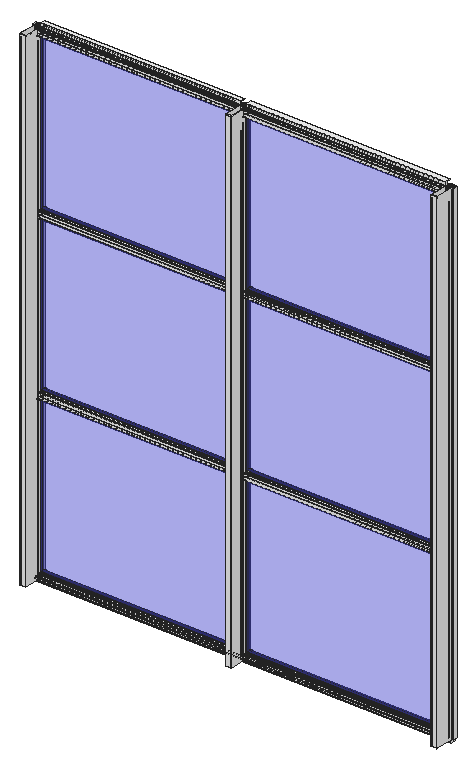
Revit family "Facade_60_Curtain_Wall_S23_Standard", category Windows, host Wall, Revit 2014 (continued)
Definition of nested family "F60 Horizontal Profile Middle_S23_Std"
  Forms (mm)
    Extrusion 5, solid, material <- "Thermal Break Material", visible <- "Single Glazing"
      sketch origin (0, 0, 0) x (0, 1, 0) y (0, 0, 1)
        loop
          arc (-63.8, 25.751) -> (-63.654, 25.397) -> (-63.3, 25.251) r 0.5
          line (-63.3, 25.251) -> (-59.8, 25.251)
          arc (-59.8, 25.251) -> (-59.446, 25.397) -> (-59.3, 25.751) r 0.5
          line (-59.3, 25.751) -> (-59.3, 27.648) -> (-49.599, 27.648) -> (-47.528, 28.651)
          arc (-47.528, 28.651) -> (-46.803, 30.001) -> (-47.528, 31.351) r 1.62
          line (-47.528, 31.351) -> (-49.599, 32.353) -> (-59.3, 32.353) -> (-59.3, 34.251)
          arc (-59.3, 34.251) -> (-59.446, 34.604) -> (-59.8, 34.751) r 0.5
          line (-59.8, 34.751) -> (-63.3, 34.751)
          arc (-63.3, 34.751) -> (-63.654, 34.604) -> (-63.8, 34.251) r 0.5
          line (-63.8, 34.251) -> (-63.8, 32.328) -> (-62.4, 31.52) -> (-62.4, 28.483) -> (-63.8, 27.673) -> (-63.8, 25.751)
        loop
          line (-59.794, 28.506) -> (-59.006, 29.294)
          arc (-59.006, 29.294) -> (-58.788, 29.618) -> (-58.713, 30.001) r 0.986
          arc (-58.713, 30.001) -> (-58.79, 30.384) -> (-59.008, 30.71) r 1.007
          line (-59.008, 30.71) -> (-59.794, 31.496) -> (-60.65, 31.496)
          arc (-60.65, 31.496) -> (-61.004, 31.349) -> (-61.15, 30.996) r 0.5
          line (-61.15, 30.996) -> (-61.15, 29.006)
          arc (-61.15, 29.006) -> (-61.004, 28.652) -> (-60.65, 28.506) r 0.5
          line (-60.65, 28.506) -> (-59.794, 28.506)
        loop
          line (-47.854, 30.898) -> (-49.415, 31.653) -> (-56.782, 31.653)
          arc (-56.782, 31.653) -> (-57.207, 31.417) -> (-57.23, 30.932) r 0.5
          arc (-57.23, 30.932) -> (-57.013, 30.001) -> (-57.23, 29.07) r 2.099
          arc (-57.23, 29.07) -> (-57.207, 28.584) -> (-56.782, 28.348) r 0.5
          line (-56.782, 28.348) -> (-49.415, 28.348) -> (-48.055, 29.007)
          arc (-48.055, 29.007) -> (-47.35, 29.888) -> (-47.854, 30.898) r 1.047
      from 0 to 250 <- "Length"
    Extrusion 6, solid, material <- "Profile Material", visible <- "Single Glazing"
      sketch origin (0, 0, 0) x (0, 1, 0) y (0, 0, 1)
        loop
          line (-63.8, 52.694) -> (-64.8, 52.694) -> (-64.8, 51.544) -> (-66.05, 51.544) -> (-66.05, 57.044) -> (-64.8, 57.044) -> (-64.8, 55.894) -> (-63.8, 55.894) -> (-63.8, 58.294)
          arc (-63.8, 58.294) -> (-64.082, 58.803) -> (-64.664, 58.835) r 0.6
          line (-64.664, 58.835) -> (-66.562, 57.91) -> (-67.088, 58.988) -> (-68.05, 58.519) -> (-68.05, 48.513)
          arc (-68.05, 48.513) -> (-67.874, 48.089) -> (-67.45, 47.913) r 0.6
          line (-67.45, 47.913) -> (-66.6, 47.913) -> (-66.6, 12.09) -> (-67.45, 12.09)
          arc (-67.45, 12.09) -> (-67.874, 11.914) -> (-68.05, 11.49) r 0.6
          line (-68.05, 11.49) -> (-68.05, 1.485) -> (-67.088, 1.016) -> (-66.562, 2.095) -> (-64.663, 1.169)
          arc (-64.663, 1.169) -> (-64.082, 1.2) -> (-63.8, 1.709) r 0.6
          line (-63.8, 1.709) -> (-63.8, 4.109) -> (-64.8, 4.109) -> (-64.8, 2.959) -> (-66.05, 2.959) -> (-66.05, 8.459) -> (-64.8, 8.459) -> (-64.8, 7.309) -> (-63.8, 7.309) -> (-63.8, 27.674) -> (-62.4, 28.483) -> (-62.4, 31.521) -> (-63.8, 32.329) -> (-63.8, 52.694)
      from 0 to 250 <- "Length"
    Extrusion 7, solid, material <- "Profile Material", visible <- "Single Glazing"
      sketch origin (0, 0, 0) x (0, 1, 0) y (0, 0, 1)
        loop
          line (-68.551, 3.3) -> (-76.559, 3.3) -> (-76.559, 30) -> (-76.559, 56.15)
          arc (-76.559, 56.15) -> (-75.739, 58.13) -> (-73.759, 58.95) r 2.8
          line (-73.759, 58.95) -> (-69.151, 58.95) -> (-69.151, 57.2)
          arc (-69.151, 57.2) -> (-68.987, 56.829) -> (-68.601, 56.703) r 0.5
          arc (-68.601, 56.703) -> (-68.216, 56.829) -> (-68.051, 57.2) r 0.5
          line (-68.051, 57.2) -> (-68.051, 58.517) -> (-67.089, 58.986) -> (-66.563, 57.907) -> (-63.866, 59.222)
          arc (-63.866, 59.222) -> (-64.001, 59.762) -> (-64.504, 60) r 0.65
          line (-64.504, 60) -> (-73.859, 60)
          arc (-73.859, 60) -> (-76.687, 58.828) -> (-77.859, 56) r 4
          line (-77.859, 56) -> (-77.859, 30) -> (-77.859, 2.493)
          arc (-77.859, 2.493) -> (-77.197, 0.799) -> (-75.562, 0.002) r 2.5
          arc (-75.562, 0.002) -> (-75.182, 0.132) -> (-75.021, 0.5) r 0.5
          line (-75.021, 0.5) -> (-75.021, 2) -> (-69.151, 2) -> (-69.151, 0.5)
          arc (-69.151, 0.5) -> (-69.005, 0.146) -> (-68.651, 0) r 0.5
          line (-68.651, 0) -> (-64.504, 0)
          arc (-64.504, 0) -> (-64.001, 0.238) -> (-63.866, 0.778) r 0.65
          line (-63.866, 0.778) -> (-66.563, 2.093) -> (-67.089, 1.014) -> (-68.051, 1.483) -> (-68.051, 2.8)
          arc (-68.051, 2.8) -> (-68.198, 3.154) -> (-68.551, 3.3) r 0.5
      from 0 to 250 <- "Length"
    Extrusion 8, solid, material <- "Thermal Break Material", visible <- "Double Glazing"
      sketch origin (0, 0, 0) x (0, 1, 0) y (0, 0, 1)
        loop
          line (-77.8, 27.673) -> (-77.8, 25.751)
          arc (-77.8, 25.751) -> (-77.654, 25.397) -> (-77.3, 25.251) r 0.5
          line (-77.3, 25.251) -> (-59.8, 25.251)
          arc (-59.8, 25.251) -> (-59.446, 25.397) -> (-59.3, 25.751) r 0.5
          line (-59.3, 25.751) -> (-59.3, 27.647) -> (-49.599, 27.647) -> (-47.528, 28.649)
          arc (-47.528, 28.649) -> (-46.803, 29.999) -> (-47.528, 31.349) r 1.62
          line (-47.528, 31.349) -> (-49.602, 32.353) -> (-59.3, 32.353) -> (-59.3, 34.251)
          arc (-59.3, 34.251) -> (-59.446, 34.604) -> (-59.8, 34.751) r 0.5
          line (-59.8, 34.751) -> (-77.3, 34.751)
          arc (-77.3, 34.751) -> (-77.654, 34.604) -> (-77.8, 34.251) r 0.5
          line (-77.8, 34.251) -> (-77.8, 32.327) -> (-76.4, 31.52) -> (-76.4, 28.482) -> (-77.8, 27.673)
        loop
          line (-59.006, 30.708) -> (-61.156, 32.858)
          arc (-61.156, 32.858) -> (-61.48, 33.074) -> (-61.863, 33.151) r 1
          line (-61.863, 33.151) -> (-73.8, 33.151)
          arc (-73.8, 33.151) -> (-74.507, 32.858) -> (-74.8, 32.151) r 1
          line (-74.8, 32.151) -> (-74.8, 27.851)
          arc (-74.8, 27.851) -> (-74.507, 27.144) -> (-73.8, 26.851) r 1
          line (-73.8, 26.851) -> (-61.863, 26.851)
          arc (-61.863, 26.851) -> (-61.48, 26.927) -> (-61.156, 27.144) r 1
          line (-61.156, 27.144) -> (-59.006, 29.294)
          arc (-59.006, 29.294) -> (-58.788, 29.618) -> (-58.713, 30.001) r 0.986
          arc (-58.713, 30.001) -> (-58.79, 30.383) -> (-59.006, 30.708) r 1.007
        loop
          line (-56.782, 28.347) -> (-49.415, 28.347) -> (-48.055, 29.005)
          arc (-48.055, 29.005) -> (-47.35, 29.887) -> (-47.854, 30.896) r 1.047
          line (-47.854, 30.896) -> (-49.415, 31.652) -> (-56.782, 31.652)
          arc (-56.782, 31.652) -> (-57.207, 31.416) -> (-57.23, 30.93) r 0.5
          arc (-57.23, 30.93) -> (-57.013, 29.999) -> (-57.23, 29.068) r 2.099
          arc (-57.23, 29.068) -> (-57.207, 28.583) -> (-56.782, 28.347) r 0.5
      from 0 to 250 <- "Length"
    Extrusion 9, solid, material <- "Profile Material", visible <- "Double Glazing"
      sketch origin (0, 0, 0) x (0, 1, 0) y (0, 0, 1)
        loop
          line (-77.8, 52.694) -> (-78.8, 52.694) -> (-78.8, 51.544) -> (-80.05, 51.544) -> (-80.05, 57.044) -> (-78.8, 57.044) -> (-78.8, 55.894) -> (-77.8, 55.894) -> (-77.8, 58.294)
          arc (-77.8, 58.294) -> (-78.082, 58.802) -> (-78.664, 58.834) r 0.6
          line (-78.664, 58.834) -> (-80.562, 57.909) -> (-81.088, 58.988) -> (-82.05, 58.518) -> (-82.05, 48.512)
          arc (-82.05, 48.512) -> (-81.874, 48.088) -> (-81.45, 47.912) r 0.6
          line (-81.45, 47.912) -> (-80.6, 47.912) -> (-80.6, 12.089) -> (-81.45, 12.089)
          arc (-81.45, 12.089) -> (-81.874, 11.913) -> (-82.05, 11.489) r 0.6
          line (-82.05, 11.489) -> (-82.05, 1.484) -> (-81.088, 1.015) -> (-80.562, 2.094) -> (-78.663, 1.169)
          arc (-78.663, 1.169) -> (-78.082, 1.199) -> (-77.8, 1.708) r 0.6
          line (-77.8, 1.708) -> (-77.8, 4.108) -> (-78.8, 4.108) -> (-78.8, 2.958) -> (-80.05, 2.958) -> (-80.05, 8.458) -> (-78.8, 8.458) -> (-78.8, 7.308) -> (-77.8, 7.308) -> (-77.8, 27.673) -> (-76.4, 28.482) -> (-76.4, 31.52) -> (-77.8, 32.328) -> (-77.8, 52.694)
      from 0 to 250 <- "Length"
    Extrusion 10, solid, material <- "Profile Material", visible <- "Double Glazing"
      sketch origin (0, 0, 0) x (0, 1, 0) y (0, 0, 1)
        loop
          line (-82.551, 3.3) -> (-90.558, 3.3) -> (-90.558, 30) -> (-90.558, 56.15)
          arc (-90.558, 56.15) -> (-89.738, 58.13) -> (-87.758, 58.95) r 2.8
          line (-87.758, 58.95) -> (-83.151, 58.95) -> (-83.151, 57.2)
          arc (-83.151, 57.2) -> (-82.986, 56.829) -> (-82.601, 56.703) r 0.5
          arc (-82.601, 56.703) -> (-82.215, 56.829) -> (-82.051, 57.2) r 0.5
          line (-82.051, 57.2) -> (-82.051, 58.517) -> (-81.088, 58.986) -> (-80.563, 57.907) -> (-77.866, 59.222)
          arc (-77.866, 59.222) -> (-78, 59.762) -> (-78.503, 60) r 0.65
          line (-78.503, 60) -> (-87.858, 60)
          arc (-87.858, 60) -> (-90.687, 58.828) -> (-91.858, 56) r 4
          line (-91.858, 56) -> (-91.858, 30) -> (-91.858, 2.493)
          arc (-91.858, 2.493) -> (-91.196, 0.799) -> (-89.561, 0.002) r 2.5
          arc (-89.561, 0.002) -> (-89.182, 0.132) -> (-89.021, 0.5) r 0.5
          line (-89.021, 0.5) -> (-89.021, 2) -> (-83.151, 2) -> (-83.151, 0.5)
          arc (-83.151, 0.5) -> (-83.004, 0.146) -> (-82.651, 0) r 0.5
          line (-82.651, 0) -> (-78.503, 0)
          arc (-78.503, 0) -> (-78, 0.238) -> (-77.866, 0.778) r 0.65
          line (-77.866, 0.778) -> (-80.563, 2.093) -> (-81.088, 1.014) -> (-82.051, 1.483) -> (-82.051, 2.8)
          arc (-82.051, 2.8) -> (-82.197, 3.154) -> (-82.551, 3.3) r 0.5
      from 0 to 250 <- "Length"
  Dimensions and locks
    aligned and locked: level to plane 2
Types (33, lengths in mm): name | Windload Design | Width | Vertical Profile Length | Transom Vertical Spacing | Top Transom Top Gap | Overall Width | Overall Height | Mullion Side Gap | Mullion Configuration | Bottom Transom Bottom Gap | Mid Glazing Bottom Gap | Max Pane Area | Sill Length | Length Sill | Intruderprufe U Value | Intruderprufe SHGC Value | Intruderprufe LowE U Value | Intruderprufe LowE SHGC Value | Intruderprufe Insulated U Value | Intruderprufe Insulated SHGC Value | Intruderprufe Insulated LowE U Value | Intruderprufe Insulated LowE SHGC Value | Horizontal Profile Length | Glazing Width | Glazing Height | Glazing Gap SG | Glazing Gap DG | DG Thickness Calc | DG Thickness | Height | SG Thickness | Custom Curtain Wall Width | Custom Curtain Wall Height | Custom Windload | 190mm Mullion | 160mm Mullion | 100mm Mullion
  (no name) | 1000 | 4190 | 4960 | 1573.333 | 1633.333 | 4190 | 4990 | 2065 | 3 | 1663.333 | 1703.133 | 3.30073 m² | 4190 | 4190 | 5.71 | 0.716 | 4.17 | 0.627 | 3 | 0.616 | 2.34 | 0.555 | 2005 | 2045.4 | 1613.733 | 3 | 2 | 6 | 6 | 4990 | 8 | 4190 | 4990 | 1000 | yes | no | no
  F60-S23-1825-1000Pa | 1000 | 1790 | 2460 | 740 | 800 | 2000 | 3000 | 865 | 1 | 830 | 869.8 | 0.65975 m² | 1790 | 1790 | 5.66 | 0.663 | 4.43 | 0.581 | 3.18 | 0.572 | 2.59 | 0.515 | 805 | 845.4 | 780.4 | 5 | 4 | 4 | 4 | 2490 | 4 | 1790 | 2490 | 1000 | no | no | yes
  F60-S23-1825-1500Pa | 1500 | 1790 | 2460 | 740 | 800 | 2000 | 3000 | 865 | 1 | 830 | 869.8 | 0.65975 m² | 1790 | 1790 | 5.66 | 0.663 | 4.43 | 0.581 | 3.18 | 0.572 | 2.59 | 0.515 | 805 | 845.4 | 780.4 | 5 | 4 | 4 | 4 | 2490 | 4 | 1790 | 2490 | 1500 | no | no | yes
  F60-S23-1825-2000Pa | 2000 | 1790 | 2460 | 740 | 800 | 2000 | 3000 | 865 | 1 | 830 | 869.8 | 0.65975 m² | 1790 | 1790 | 5.66 | 0.663 | 4.43 | 0.581 | 3.18 | 0.572 | 2.59 | 0.515 | 805 | 845.4 | 780.4 | 5 | 4 | 4 | 4 | 2490 | 4 | 1790 | 2490 | 2000 | no | no | yes
  F60-S23-2425-1000Pa | 1000 | 2390 | 2460 | 740 | 800 | 2000 | 3000 | 1165 | 1 | 830 | 869.8 | 0.89387 m² | 2390 | 2390 | 5.98 | 0.67 | 4.4 | 0.5888 | 3.15 | 0.578 | 2.56 | 0.521 | 1105 | 1145.4 | 780.4 | 5 | 4 | 4 | 4 | 2490 | 4 | 2390 | 2490 | 1000 | no | no | yes
  F60-S23-2425-1500Pa | 1500 | 2390 | 2460 | 740 | 800 | 2000 | 3000 | 1165 | 1 | 830 | 869.8 | 0.89387 m² | 2390 | 2390 | 5.98 | 0.67 | 4.4 | 0.5888 | 3.15 | 0.578 | 2.56 | 0.521 | 1105 | 1145.4 | 780.4 | 5 | 4 | 4 | 4 | 2490 | 4 | 2390 | 2490 | 1500 | no | no | yes
  F60-S23-2425-2000Pa | 2000 | 2390 | 2460 | 740 | 800 | 2000 | 3000 | 1165 | 2 | 830 | 869.8 | 0.89387 m² | 2390 | 2390 | 5.98 | 0.67 | 4.4 | 0.5888 | 3.15 | 0.578 | 2.56 | 0.521 | 1105 | 1145.4 | 780.4 | 5 | 4 | 4 | 4 | 2490 | 4 | 2390 | 2490 | 2000 | no | yes | no
  F60-S23-3025-1000Pa | 1000 | 2990 | 2460 | 740 | 800 | 2000 | 3000 | 1465 | 1 | 830 | 869.8 | 1.12799 m² | 2990 | 2990 | 5.7 | 0.681 | 4.36 | 0.597 | 3.12 | 0.587 | 2.51 | 0.529 | 1405 | 1445.4 | 780.4 | 5 | 4 | 4 | 4 | 2490 | 4 | 2990 | 2490 | 1000 | no | no | yes
  F60-S23-3025-1500Pa | 1500 | 2990 | 2460 | 740 | 800 | 2000 | 3000 | 1465 | 1 | 830 | 869.8 | 1.12799 m² | 2990 | 2990 | 5.7 | 0.681 | 4.36 | 0.597 | 3.12 | 0.587 | 2.51 | 0.529 | 1405 | 1445.4 | 780.4 | 5 | 4 | 4 | 4 | 2490 | 4 | 2990 | 2490 | 1500 | no | no | yes
  F60-S23-3025-2000Pa | 2000 | 2990 | 2460 | 740 | 800 | 2000 | 3000 | 1465 | 2 | 830 | 869.8 | 1.12799 m² | 2990 | 2990 | 5.7 | 0.681 | 4.36 | 0.597 | 3.12 | 0.587 | 2.51 | 0.529 | 1405 | 1445.4 | 780.4 | 5 | 4 | 4 | 4 | 2490 | 4 | 2990 | 2490 | 2000 | no | yes | no
  F60-S23-3625-1000Pa | 1000 | 3590 | 2460 | 740 | 800 | 2000 | 3000 | 1765 | 1 | 830 | 869.8 | 1.36211 m² | 3590 | 3590 | 5.7 | 0.688 | 4.34 | 0.603 | 3.1 | 0.592 | 2.048 | 0.534 | 1705 | 1745.4 | 780.4 | 5 | 4 | 4 | 4 | 2490 | 4 | 3590 | 2490 | 1000 | no | no | yes
  F60-S23-3625-1500Pa | 1500 | 3590 | 2460 | 740 | 800 | 2000 | 3000 | 1765 | 2 | 830 | 869.8 | 1.36211 m² | 3590 | 3590 | 5.7 | 0.688 | 4.34 | 0.603 | 3.1 | 0.592 | 2.048 | 0.534 | 1705 | 1745.4 | 780.4 | 5 | 4 | 4 | 4 | 2490 | 4 | 3590 | 2490 | 1500 | no | yes | no
  F60-S23-3625-2000Pa | 2000 | 3590 | 2460 | 740 | 800 | 2000 | 3000 | 1765 | 2 | 830 | 869.8 | 1.36211 m² | 3590 | 3590 | 5.7 | 0.688 | 4.34 | 0.603 | 3.1 | 0.592 | 2.048 | 0.534 | 1705 | 1745.4 | 780.4 | 5 | 4 | 4 | 4 | 2490 | 4 | 3590 | 2490 | 2000 | no | yes | no
  F60-S23-4225-1000Pa | 1000 | 4190 | 2460 | 740 | 800 | 2000 | 2490 | 2065 | 1 | 830 | 869.8 | 1.59623 m² | 4190 | 4190 | 5.72 | 0.693 | 4.32 | 0.607 | 3.08 | 0.596 | 2.45 | 0.538 | 2005 | 2045.4 | 780.4 | 4.5 | 4 | 4 | 4 | 2490 | 5 | 4190 | 2490 | 1000 | no | no | yes
  F60-S23-4225-1500Pa | 1500 | 4190 | 2460 | 740 | 800 | 2000 | 2490 | 2065 | 2 | 830 | 869.8 | 1.59623 m² | 4190 | 4190 | 5.72 | 0.693 | 4.32 | 0.607 | 3.08 | 0.596 | 2.45 | 0.538 | 2005 | 2045.4 | 780.4 | 4.5 | 4 | 4 | 4 | 2490 | 5 | 4190 | 2490 | 1500 | no | yes | no
  F60-S23-4225-2000Pa | 2000 | 4190 | 2460 | 740 | 800 | 2000 | 2490 | 2065 | 2 | 830 | 869.8 | 1.59623 m² | 4190 | 4190 | 5.72 | 0.693 | 4.32 | 0.607 | 3.08 | 0.596 | 2.45 | 0.538 | 2005 | 2045.4 | 780.4 | 4.5 | 4 | 4 | 4 | 2490 | 5 | 4190 | 2490 | 2000 | no | yes | no
  F60-S23-4825-1000Pa | 1000 | 4790 | 2460 | 740 | 800 | 2000 | 2490 | 2365 | 1 | 830 | 869.8 | 1.83035 m² | 4790 | 4790 | 5.73 | 0.696 | 4.31 | 0.61 | 3.07 | 0.6 | 2.44 | 0.54 | 2305 | 2345.4 | 780.4 | 4.5 | 4 | 4 | 4 | 2490 | 5 | 4790 | 2490 | 1000 | no | no | yes
  F60-S23-4825-1500Pa | 1500 | 4790 | 2460 | 740 | 800 | 2000 | 2490 | 2365 | 2 | 830 | 869.8 | 1.83035 m² | 4790 | 4790 | 5.73 | 0.696 | 4.31 | 0.61 | 3.07 | 0.6 | 2.44 | 0.54 | 2305 | 2345.4 | 780.4 | 4.5 | 4 | 4 | 4 | 2490 | 5 | 4790 | 2490 | 1500 | no | yes | no
  F60-S23-4825-2000Pa | 2000 | 4790 | 2460 | 740 | 800 | 2000 | 2490 | 2365 | 2 | 830 | 869.8 | 1.83035 m² | 4790 | 4790 | 5.73 | 0.696 | 4.31 | 0.61 | 3.07 | 0.6 | 2.44 | 0.54 | 2305 | 2345.4 | 780.4 | 4.5 | 4 | 4 | 4 | 2490 | 5 | 4790 | 2490 | 2000 | no | yes | no
  F60-S23-5425-1000Pa | 1000 | 5390 | 2460 | 740 | 800 | 2000 | 2490 | 2665 | 1 | 830 | 869.8 | 2.06447 m² | 5390 | 5390 | 5.74 | 0.699 | 4.3 | 0.613 | 3.06 | 0.602 | 2.42 | 0.543 | 2605 | 2645.4 | 780.4 | 4.5 | 4 | 4 | 4 | 2490 | 5 | 5390 | 2490 | 1000 | no | no | yes
  F60-S23-5425-1500Pa | 1500 | 5390 | 2460 | 740 | 800 | 2000 | 2490 | 2665 | 2 | 830 | 869.8 | 2.06447 m² | 5390 | 5390 | 5.74 | 0.699 | 4.3 | 0.613 | 3.06 | 0.602 | 2.42 | 0.543 | 2605 | 2645.4 | 780.4 | 4.5 | 4 | 4 | 4 | 2490 | 5 | 5390 | 2490 | 1500 | no | yes | no
  F60-S23-5425-2000Pa | 2000 | 5390 | 2460 | 740 | 800 | 2000 | 2490 | 2665 | 2 | 830 | 869.8 | 2.06447 m² | 5390 | 5390 | 5.74 | 0.699 | 4.3 | 0.613 | 3.06 | 0.602 | 2.42 | 0.543 | 2605 | 2645.4 | 780.4 | 4.5 | 4 | 4 | 4 | 2490 | 5 | 5390 | 2490 | 2000 | no | yes | no
  F60-S23-6025-1000Pa | 1000 | 699.2 | 2460 | 740 | 800 | 2000 | 2490 | 319.6 | 1 | 830 | 869.8 | 0.23412 m² | 699.2 | 699.2 | 5.74 | 0.701 | 4.29 | 0.615 | 3.05 | 0.604 | 2.41 | 0.544 | 259.6 | 300 | 780.4 | 5 | 4 | 4 | 4 | 2490 | 4 | 599 | 2490 | 1000 | no | no | yes
  F60-S23-6025-1500Pa | 1500 | 699.2 | 2460 | 740 | 800 | 2000 | 2490 | 319.6 | 1 | 830 | 869.8 | 0.23412 m² | 699.2 | 699.2 | 5.74 | 0.701 | 4.29 | 0.615 | 3.05 | 0.604 | 2.41 | 0.544 | 259.6 | 300 | 780.4 | 5 | 4 | 4 | 4 | 2490 | 4 | 599 | 2490 | 1500 | no | no | yes
  F60-S23-6025-2000Pa | 2000 | 699.2 | 2460 | 740 | 800 | 699.2 | 2490 | 319.6 | 1 | 830 | 869.8 | 0.23412 m² | 699.2 | 699.2 | 5.74 | 0.701 | 4.29 | 0.615 | 3.05 | 0.604 | 2.41 | 0.544 | 259.6 | 300 | 780.4 | 5 | 4 | 4 | 4 | 2490 | 4 | 599 | 2490 | 2000 | no | no | yes
  F60-S23-1850-1000Pa | 1000 | 1790 | 4960 | 1573.333 | 1633.333 | 699.2 | 2490 | 865 | 2 | 1663.333 | 1703.133 | 1.36425 m² | 1790 | 1790 | 5.64 | 0.685 | 4.28 | 0.6 | 3.1 | 0.59 | 2.48 | 0.532 | 805 | 845.4 | 1613.733 | 5 | 4 | 4 | 4 | 4990 | 4 | 1790 | 4990 | 1000 | no | yes | no
  F60-S23-1850-1500Pa | 1500 | 1790 | 4960 | 1573.333 | 1633.333 | 699.2 | 2490 | 865 | 3 | 1663.333 | 1703.133 | 1.36425 m² | 1790 | 1790 | 5.64 | 0.685 | 4.28 | 0.6 | 3.1 | 0.59 | 2.48 | 0.532 | 805 | 845.4 | 1613.733 | 5 | 4 | 4 | 4 | 4990 | 4 | 1790 | 4990 | 1500 | yes | no | no
  F60-S23-1850-2000Pa | 2000 | 1790 | 4960 | 1573.333 | 1633.333 | 699.2 | 2490 | 865 | 3 | 1663.333 | 1703.133 | 1.36425 m² | 1790 | 1790 | 5.64 | 0.685 | 4.28 | 0.6 | 3.1 | 0.59 | 2.48 | 0.532 | 805 | 845.4 | 1613.733 | 5 | 4 | 4 | 4 | 4990 | 4 | 1790 | 4990 | 2000 | yes | no | no
  F60-S23-2450-1000Pa | 1000 | 2390 | 4960 | 1573.333 | 1633.333 | 699.2 | 2490 | 1165 | 3 | 1663.333 | 1703.133 | 1.84837 m² | 2390 | 2390 | 5.66 | 0.692 | 4.25 | 0.607 | 3.07 | 0.596 | 2.44 | 0.537 | 1105 | 1145.4 | 1613.733 | 4.5 | 4 | 4 | 4 | 4990 | 5 | 2390 | 4990 | 1000 | yes | no | no
  F60-S23-2450-1500Pa | 1500 | 2390 | 4960 | 1573.333 | 1633.333 | 699.2 | 2490 | 1165 | 3 | 1663.333 | 1703.133 | 1.84837 m² | 2390 | 2390 | 5.66 | 0.692 | 4.25 | 0.607 | 3.07 | 0.596 | 2.44 | 0.537 | 1105 | 1145.4 | 1613.733 | 4.5 | 4 | 4 | 4 | 4990 | 5 | 2390 | 4990 | 1500 | yes | no | no
  F60-S23-3050-1000Pa | 1000 | 2990 | 4960 | 1573.333 | 1633.333 | 699.2 | 2490 | 1465 | 3 | 1663.333 | 1703.133 | 2.33249 m² | 2990 | 2990 | 5.68 | 0.703 | 4.21 | 0.616 | 3.04 | 0.605 | 2.39 | 0.546 | 1405 | 1445.4 | 1613.733 | 3.8 | 3 | 5 | 5 | 4990 | 6.4 | 2990 | 4990 | 1000 | yes | no | no
  F60-S23-3650-1000Pa | 1000 | 3590 | 4960 | 1573.333 | 1633.333 | 699.2 | 2490 | 1765 | 3 | 1663.333 | 1703.133 | 2.81661 m² | 3590 | 3590 | 5.7 | 0.71 | 4.19 | 0.622 | 3.01 | 0.611 | 2.36 | 0.551 | 1705 | 1745.4 | 1613.733 | 3.8 | 3 | 5 | 5 | 4990 | 6.4 | 3590 | 4990 | 1000 | yes | no | no
  F60-S23-4250-1000Pa | 1000 | 4190 | 4960 | 1573.333 | 1633.333 | 4190 | 4990 | 2065 | 3 | 1663.333 | 1703.133 | 3.30073 m² | 4190 | 4190 | 5.71 | 0.716 | 4.17 | 0.627 | 3 | 0.616 | 2.34 | 0.555 | 2005 | 2045.4 | 1613.733 | 3 | 2 | 6 | 6 | 4990 | 8 | 4190 | 4990 | 1000 | yes | no | no
